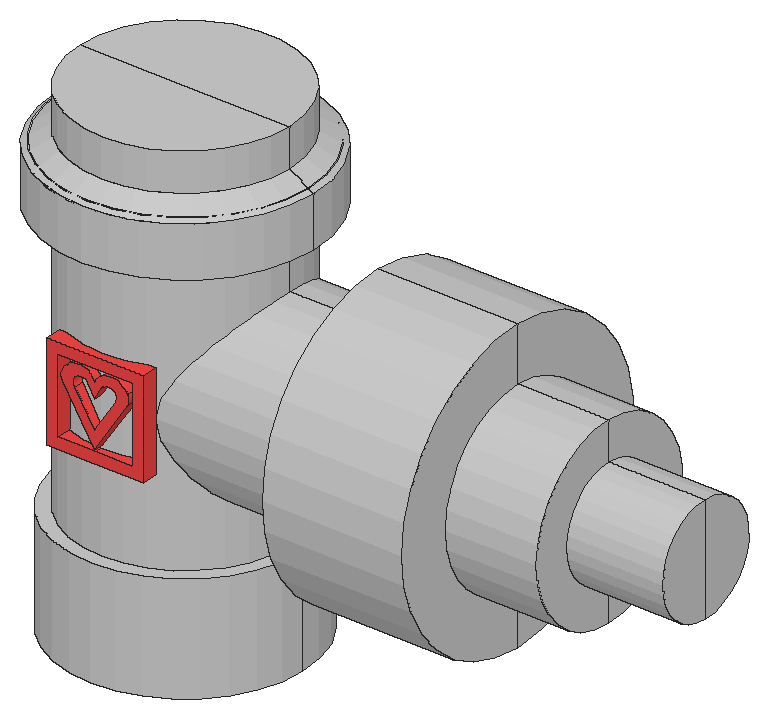
Revit family "RL-5 Rücklaufventil Eck 3924", category Rohrzubehör, Revit 2019
Family settings
  Bemaßung runder Anschluss = Durchmesser verwenden
  Teiletyp = Unterbricht
  OmniClass-Nummer = 23.65.55.14
  OmniClass-Titel = Valves for Liquid Services
  Arbeitsebenenbasiert = Nein
  Immer vertikal = Nein
  Beim Laden mit Abzugskörper schneiden = Nein
  Gemeinsam genutzt = Nein
Parameters
  W01 = 120.00°  # constant formula
  URL = "www.herz-armaturen.at"
  SCRNSEQ = "ARM;ARM_TYP=\"ALLF\";2"
  SCRNCODE = "05;01;02"  # constant formula
  S04 = 45.000 mm  # constant formula
  S03 [instance] = H02 - 5.000 mm + 41.000 mm  # 54.000 mm
  S02 [instance] = L04 + L03 - L02  # 23.000 mm
  S01 = 10.000 mm  # constant formula
  R04 = 9.750 mm  # constant formula
  R03 = 12.000 mm  # constant formula
  R02 = 9.750 mm  # constant formula
  Nennweite [instance] = 10.000 mm
  Medium = "Heizwasserqualität entsprechend ÖNORM H 5195 bzw. VDI-Richtllinie 2035."
  Max.Betriebstemperatur = 120 °C  # constant formula
  Max.Betriebsdruck = 1000000.0 Pa  # constant formula
  LO1 [instance] = D03 - 0.500 mm  # 11.000 mm
  L04 [instance] = size_lookup("3924_5_", "L4", 1.000 mm, Nennweite)  # 17.500 mm
  L03 [instance] = size_lookup("3924_5_", "L3", 1.000 mm, Nennweite)  # 13.000 mm
  L02 [instance] = size_lookup("3924_5_", "L2", 1.000 mm, Nennweite)  # 7.500 mm
  L01 [instance] = size_lookup("3924_5_", "L1", 1.000 mm, Nennweite)  # 25.500 mm
  Hersteller = "HERZ Armaturen Ges.m.b.H."  # constant formula
  H07 [instance] = H02 - H04  # 13.000 mm
  H06 = 3.500 mm  # constant formula
  H05 = 9.500 mm  # constant formula
  H04 = 5.000 mm  # constant formula
  H03 [instance] = size_lookup("3924_5_", "H3", 1.000 mm, Nennweite)  # 10.000 mm
  H02 [instance] = size_lookup("3924_5_", "H2", 1.000 mm, Nennweite)  # 18.000 mm
  H01 [instance] = size_lookup("3924_5_", "H1", 1.000 mm, Nennweite)  # 22.500 mm
  Gehäuse = "vernickeltes Messing"  # constant formula
  GT1 [instance] = size_lookup("3924_5_", "GT1", 1.000 mm, Nennweite)  # 9.000 mm
  GT [instance] = size_lookup("3924_5_", "GT", 1.000 mm, Nennweite)  # 10.000 mm
  G2 [instance] = Nennweite / 2  # 5.000 mm
  G1 [instance] = Nennweite / 2  # 5.000 mm
  R01 = 11.000 mm  # constant formula
  D06 [instance] = 8.750 mm  # constant formula
  D05 [instance] = size_lookup("3924_5_", "D5", 1.000 mm, Nennweite)  # 8.500 mm
  D04 [instance] = size_lookup("3924_5_", "D4", 1.000 mm, Nennweite)  # 13.500 mm
  D03 [instance] = 11.500 mm  # constant formula
  D02 [instance] = size_lookup("3924_5_", "D2", 1.000 mm, Nennweite)  # 7.940 mm
  D01 [instance] = size_lookup("3924_5_", "D1", 1.000 mm, Nennweite)  # 11.000 mm
  Bestellnummer [instance] = size_lookup("3924_5_", "Artnr", 0, Nennweite)  # 1392400
  Ausführungen = "Alle Modelle werden in vernickelter Ausführung geliefert und sind Universalmodelle mit Spezialmuffe für Gewinderohr\r\nund Klemmsetanschluß."
  Anwendungsgebiet = "Warmwasser-Heizungsanlagen\r\nDurch den Einbau des Rücklaufventils ist der Heizkörper-Rücklaufanschluß absperrbar.\r\nBei gleichzeitiger Absperrung des Vorlaufventils kann der Heizkörper bei unter Druck stehender Anlage demontiert werden.\r\nServicearbeiten oder Arbeiten an der Wand hinter dem Heizkörper (Tapezierung, Verfliesung) sind durchführbar, ohne die übrige Anlage stillsetzen zu müssen.\r\nMit dem HERZ-RL-5-Ventil kann die durch den Heizkörper strömende Wassermenge entsprechend der geforderten Leistung genau einreguliert werden.\r\nDies empfiehlt sich besonders beim Einbau von Thermostatventilen ohne Voreinstellung, weil durch die Begrenzung der Wassermenge voll wirksam wird und das hydraulische Gleichgewicht der Anlage erhalten bleibt.\r\nÜber das HERZ-RL-5-Ventil kann der Heizkörper oder die Anlage gefüllt oder entleert werden."
Reference planes
  plane 1 "Mitte (Vorne/hinten)": y = 0
  plane 2: z = 0
  plane 3 "Mitte (Links/rechts)": x = 0
Forms (mm)
  Revolve 1, solid, material "Messing, weicher Gelbton, geschweißt", detail levels fine
    sketch origin (0, 0, 0) x (1, 0, 0) y (0, 0, 1)
      loop
        line (0, 18) -> (-11.5, 18) -> (-11.5, 13) -> (-9.75, 13) -> (-9.75, -12.5) -> (-11, -12.5) -> (-11, -22.5) -> (-5, -22.5) -> (-5, -12.5) -> (0, -12.5) -> (0, 18)
      axis (0, 18) -> (0, -22.5)
    angle from 0 to 360
  Revolve 2, solid, material "Messing, weicher Gelbton, geschweißt", detail levels fine
    sketch origin (0, 0, 0) x (1, 0, 0) y (0, 0, 1)
      loop
        line (0, 0) -> (25.5, 0) -> (25.5, 7.94) -> (18, 7.94) -> (18, 8.75) -> (0, 8.75) -> (0, 0)
      axis (0, 0) -> (25.5, 0)
    angle from 0 to 360
  Revolve 3, solid, material "Messing, weicher Gelbton, geschweißt", detail levels fine
    sketch origin (-1, 0, 0) x (1, 0, 0) y (0, 0, 1)
      loop
        line (26.5, 0) -> (49.5, 0) -> (49.5, 5) -> (40.5, 5) -> (40.5, 8.5) -> (32, 8.5) -> (32, 13.5) -> (19, 13.5) -> (19, 7.94) -> (26.5, 7.94) -> (26.5, 0)
      axis (19, 0) -> (49.5, 0)
    angle from 0 to 360
  Revolve 4, solid, material "Messing, weicher Gelbton, geschweißt", detail levels fine
    sketch origin (0, 0, 1.5) x (1, 0, 0) y (0, 0, 1)
      loop
        line (0, 11.5) -> (12, 11.5) -> (12, 16.201) -> (9.75, 17.5) -> (9.75, 21) -> (0, 21) -> (0, 11.5)
      axis (0, 21) -> (0, 11.5)
    angle from 0 to 360
Lines and regions (mm)
  model lines, detail levels coarse+medium
    curve 1: line (0, 0, 0) -> (11, 0, -22.5)
    curve 2: line (11, 0, -22.5) -> (-11, 0, -22.5)
    curve 3: line (-11, 0, -22.5) -> (0, 0, 0)
    curve 4: line (0, 0, 0) -> (25.5, 0, 13.5)
    curve 5: line (25.5, 0, 13.5) -> (25.5, 0, -13.5)
    curve 6: line (25.5, 0, -13.5) -> (0, 0, 0)
    curve 7: line (25.5, 0, 13.5) -> (35.5, 0, 13.5)
    curve 8: line (35.5, 0, 13.5) -> (25.5, 0, 0)
    curve 9: line (25.5, 0, -13.5) -> (35.5, 0, -13.5)
    curve 10: line (35.5, 0, -13.5) -> (25.5, 0, 0)
    curve 11: line (25.5, 0, 0) -> (48.5, 0, 0)
    curve 12: line (0, 0, 0) -> (11, -22.5, 0)
    curve 13: line (11, -22.5, 0) -> (-11, -22.5, 0)
    curve 14: line (-11, -22.5, 0) -> (0, 0, 0)
    curve 15: line (0, 0, 0) -> (25.5, 13.5, 0)
    curve 16: line (25.5, 13.5, 0) -> (25.5, -13.5, 0)
    curve 17: line (25.5, -13.5, 0) -> (0, 0, 0)
    curve 18: line (25.5, 13.5, 0) -> (35.5, 13.5, 0)
    curve 19: line (35.5, 13.5, 0) -> (25.5, 0, 0)
    curve 20: line (25.5, -13.5, 0) -> (35.5, -13.5, 0)
    curve 21: line (25.5, 0, 0) -> (35.5, -13.5, 0)
Dimensions and locks
  "H02": Revolve 1 sketch curve to plane 2
  "H01": plane 2 to Revolve 1 sketch curve
  "G1": Revolve 1 sketch curve to Revolve 1 sketch curve
  "D01": Revolve 1 sketch curve to Revolve 1 sketch curve
  "GT": Revolve 1 sketch curve to Revolve 1 sketch curve
  "H03": Revolve 1 sketch curve to Revolve 1 sketch curve
  "D02": Revolve 2 sketch curve to Revolve 2 sketch curve
  "D06": Revolve 2 sketch curve to Revolve 2 sketch curve
  "L02": Revolve 2 sketch curve to Revolve 2 sketch curve
  "R02": nested 1 to plane 1 "Mitte (Vorne/hinten)"
  "L02": Revolve 3 sketch curve to Revolve 3 sketch curve
  "L03": Revolve 3 sketch curve to Revolve 3 sketch curve
  "L04": Revolve 3 sketch curve to Revolve 3 sketch curve
  "D04": Revolve 3 sketch curve to Revolve 3 sketch curve
  "G2": Revolve 3 sketch curve to Revolve 3 sketch curve
  "D05": Revolve 3 sketch curve to Revolve 3 sketch curve
  "GT1": Revolve 3 sketch curve to Revolve 3 sketch curve
  "L01": plane 3 "Mitte (Links/rechts)" to Revolve 3 sketch curve
  "D02": Revolve 3 sketch curve to plane 2
  "H01": plane 2 to curve 2
  "L01": curve 5 to plane 3 "Mitte (Links/rechts)"
  "D01": curve 2 to plane 3 "Mitte (Links/rechts)" to curve 3
  "D04": curve 5 to plane 2 to curve 6
  "S01": curve 5 to curve 8
  "S01": curve 5 to curve 10
  "S02": curve 11 to curve 11
  "H01": curve 13 to plane 1 "Mitte (Vorne/hinten)"
  "D01": curve 14 to plane 3 "Mitte (Links/rechts)" to curve 13
  "L01": plane 3 "Mitte (Links/rechts)" to curve 16
  "D04": curve 17 to plane 1 "Mitte (Vorne/hinten)" to curve 16
  "S01": curve 16 to curve 19
  "S01": curve 16 to curve 21
  "R02": Revolve 1 sketch curve to Revolve 1 sketch curve
  "D03": Revolve 1 sketch curve to Revolve 1 sketch curve
  "H04": Revolve 1 sketch curve to Revolve 1 sketch curve
  "L01": Revolve 2 sketch curve to plane 3 "Mitte (Links/rechts)"
  "H05": Revolve 4 sketch curve to Revolve 4 sketch curve
  "R04": Revolve 4 sketch curve to Revolve 4 sketch curve
  "R03": Revolve 4 sketch curve to Revolve 4 sketch curve
  "H06": Revolve 4 sketch curve to Revolve 4 sketch curve
  "H07": Revolve 4 sketch curve to plane 2
  "W01": angle Revolve 4 sketch curve to Revolve 4 sketch curve
  aligned and locked: level to plane 2
Automatic sketch dimensions
  curve 4 to level = 0.000 mm
  curve 4 to plane 3 "Mitte (Links/rechts)" = 0.000 mm
  curve 11 to level = 0.000 mm
  curve 8 to level = 0.000 mm
  plane 1 "Mitte (Vorne/hinten)" to curve 14 = 0.000 mm
  curve 14 to plane 3 "Mitte (Links/rechts)" = 0.000 mm
  plane 1 "Mitte (Vorne/hinten)" to curve 19 = 0.000 mm
  Revolve 1 sketch curve to plane 3 "Mitte (Links/rechts)" = 0.000 mm  (x2)
  Revolve 1 sketch curve to Revolve 1 sketch curve = 345.545 mm
  Revolve 1 sketch curve to Revolve 1 sketch curve = 2189.815 mm
  Revolve 2 sketch curve to level = 0.000 mm  (x2)
  Revolve 2 sketch curve to plane 3 "Mitte (Links/rechts)" = 0.000 mm
  Revolve 2 sketch curve to plane 3 "Mitte (Links/rechts)" = 9.500 mm
  Revolve 2 sketch curve to Revolve 2 sketch curve = 1815.148 mm
  Revolve 3 sketch curve to level = 0.000 mm  (x2)
  Revolve 3 sketch curve to plane 3 "Mitte (Links/rechts)" = 1507.530 mm
  Revolve 3 sketch curve to Revolve 3 sketch curve = 1789.648 mm
  Revolve 4 sketch curve to plane 3 "Mitte (Links/rechts)" = 0.000 mm  (x2)
  Revolve 4 sketch curve to level = 364.545 mm
  Revolve 4 sketch curve to Revolve 4 sketch curve = 2188.615 mm
Nested families
  nested 1: "Herz-Logo-vorne" at (0, -9.75, 0) x (0, -1, 0) z (0, 0, 1), type "Herz-Logo-vorne", detail levels fine
Connectors
  piping at (0, 0, -12.5), diameter 10, driven by "Nennweite"
    settings: on Revolve 1, index 1, connector inside diameter 609.6 mm, connector length 0.000 mm, flow factor 0, pipe flow 0.0 L/s, pressure drop 0.0 Pa, fitting loss kfactor 0, connector angle 0.00°, fixture units 0, engagement length 0.000 mm, angle of deflection 0.00°, flow configuration 0, flow direction 1, fitting loss method 0, system type 8, joint type 0, gender type 0, connector reference index -1, connector utility 0, adjustable connector no, is connector primary yes, connector description ""
  piping at (48.5, 0, 0), diameter 10, driven by "Nennweite"
    settings: on Revolve 3, index 2, connector inside diameter 609.6 mm, connector length 0.000 mm, flow factor 0, pipe flow 0.0 L/s, pressure drop 0.0 Pa, fitting loss kfactor 0, connector angle 0.00°, fixture units 0, engagement length 0.000 mm, angle of deflection 0.00°, flow configuration 0, flow direction 2, fitting loss method 0, system type 8, joint type 0, gender type 0, connector reference index -1, connector utility 0, adjustable connector no, is connector primary no, connector description ""
Definition of nested family "Herz-Logo-vorne"
  Reference planes
    plane 1 "Mitte (Vorne/hinten)": y = 0
    plane 2: z = 0
    plane 3 "Mitte (Links/rechts)": x = 0
  Forms (mm)
    Extrusion 1, solid
      sketch origin (0.732, -0.018, 0.017) x (0, -1, 0) y (0, 0, 1)
        loop
          line (-0.018, -4.517) -> (4.482, -4.517) -> (4.482, 4.483) -> (-4.518, 4.483) -> (-4.518, -4.517) -> (-0.018, -4.517)
        loop
          line (-0.05, -3.48) -> (3.482, -3.48) -> (3.482, 3.483) -> (-3.518, 3.483) -> (-3.518, -3.48) -> (-0.05, -3.48)
        loop
          arc (-0.018, 2.383) -> (-1.543, 3.287) -> (-3.067, 2.383) r 1.738
          arc (-3.067, 2.383) -> (-3.191, 1.899) -> (-3.067, 1.415) r 1.009
          line (-3.067, 1.415) -> (-0.018, -3.281) -> (3.032, 1.415)
          arc (3.032, 1.415) -> (3.156, 1.899) -> (3.032, 2.383) r 1.009
          arc (3.032, 2.383) -> (1.507, 3.287) -> (-0.018, 2.383) r 1.738
        loop
          arc (1.885, 1.272) -> (2.005, 1.675) -> (1.885, 2.079) r 0.74
          arc (1.885, 2.079) -> (1.265, 2.416) -> (0.644, 2.079) r 0.74
          line (0.644, 2.079) -> (-0.018, 0.97) -> (-0.679, 2.079)
          arc (-0.679, 2.079) -> (-1.3, 2.416) -> (-1.921, 2.079) r 0.74
          arc (-1.921, 2.079) -> (-2.04, 1.675) -> (-1.921, 1.272) r 0.74
          line (-1.921, 1.272) -> (-0.018, -1.658) -> (1.885, 1.272)
      from 0 to 1.5
  Dimensions and locks
    aligned and locked: level to plane 2
